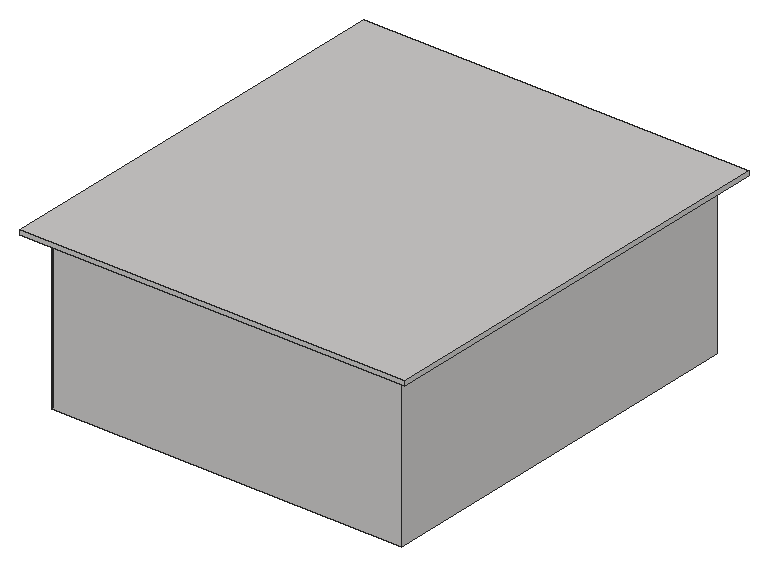
Revit family "FireFighting_Fire-Reel-Box-Recessed_Galvin_381947", category Mechanical Equipment, host Face, Revit 2011
Parameters (values of type "381947")
  URL = "www.galvinengineering.com.au"
  Type Comments = "381947"
  StyleOrType_ANZRS = "Fire Fighting Equipment"
  ModifiedIssue_ANZRS = 20140514.01  # constant formula
  Model = "381947"
  Material = Metal_Fire-Fighting_Stainless-Steel_15400
  Manufacturer = "Galvin Engineering"
  Keynote = "10520"
  Instructions = "http://www.galvinengineering.com.au/Installation_Guides_1.aspx"
  FilterObject_ANZRS = "381947"
  EquipmentWeight(Kg) = 29.1  # constant formula
  DimWidth = 880 mm  # constant formula
  DimHeight = 980 mm  # constant formula
  DimDepth = 360 mm  # constant formula
  Description = "Type B Standard Fire Reel Box Recessed (Unpainted)"
  Default Elevation = 1500 mm
  CreatedBy_ANZRS = "Galvin Engineering"
  CreatedByURL_ANZRS = "www.galvinengineering.com.au"
  CreatedByPhoneNo_ANZRS = "61-8-92495900"
  Assembly Code = "D4030"
Reference planes
  plane 1 "Mounting Height": y = 0
  plane 2 "Face": z = 0
  plane 3 "Center (Left/Right)": x = 0
  plane 4 "Hose Right": x = 440
  plane 5 "Left": x = -440
  plane 6 "Top": y = 490
  plane 7 "Bottom": y = -490
  plane 8: x = -400
  plane 9: y = -450
  plane 10: x = 400
  plane 11: y = 450
  plane 12 "Back": z = -360
Forms (mm)
  Extrusion 1, solid, material "Metal_Fire-Fighting_Stainless-Steel_15400" <- "Material"
    sketch origin (0, 0, 0) x (1, 0, 0) y (0, 1, 0)
      loop
        line (-440, 490) -> (-440, -490) -> (440, -490) -> (440, 490) -> (-440, 490)
    from 0 to 10
  Extrusion 2, void
    sketch origin (0, 0, 0) x (1, 0, 0) y (0, 1, 0)
      loop
        line (-400, 450) -> (-400, -450) -> (400, -450) -> (400, 450) -> (-400, 450)
    from 0 to -360
  Extrusion 3, solid, material "Metal_Fire-Fighting_Stainless-Steel_15400" <- "Material"
    sketch origin (0, 0, 0) x (1, 0, 0) y (0, 1, 0)
      loop
        line (-400, 450) -> (-400, -450) -> (400, -450) -> (400, 450) -> (-400, 450)
      loop
        line (398.8, 448.8) -> (-398.8, 448.8) -> (-398.8, -448.8) -> (398.8, -448.8) -> (398.8, 448.8)
    from 0 to -360
  Extrusion 4, solid, material "Metal_Fire-Fighting_Stainless-Steel_15400" <- "Material"
    sketch origin (0, 0, -360) x (0, -1, 0) y (1, 0, 0)
      loop
        line (-450, -400) -> (450, -400) -> (450, 400) -> (-450, 400) -> (-450, -400)
    from 0 to 2
Cuts and joins
  Extrusion 2 cuts Extrusion 1
  joined: Extrusion 3, Extrusion 4
Lines and regions (mm)
  symbolic lines, detail levels medium+fine
    curve 1: circle (0, 0, 334.667) r 255.333 normal (1, 0, 0)
    curve 8: line (0, -660.004, 115.942) -> (0, -733.287, 153.561)
    curve 9: line (0, -667.445, 101.448) -> (0, -740.728, 139.066)
  symbolic lines, detail levels fine
    curve 2: circle (0, -55.012, 429.951) r 6.11 normal (1, 0, 0)
    curve 3: circle (0, -110.025, 334.667) r 6.11 normal (1, 0, 0)
    curve 4: circle (0, -55.012, 239.382) r 6.11 normal (1, 0, 0)
    curve 5: circle (0, 55.012, 239.382) r 6.11 normal (1, 0, 0)
    curve 6: circle (0, 110.025, 334.667) r 6.11 normal (1, 0, 0)
    curve 7: circle (0, 55.012, 429.951) r 6.11 normal (1, 0, 0)
  model lines, detail levels medium+fine
    curve 10: line (-400, -450, 10) -> (-400, 450, 10)
    curve 11: line (-400, 450, 10) -> (400, 450, 10)
    curve 12: line (400, 450, 10) -> (400, -450, 10)
    curve 13: line (400, -450, 10) -> (-400, -450, 10)
    curve 18: line (-294.059, 31.275, 10) -> (352.941, 31.275, 10)
    curve 19: line (352.941, 31.275, 10) -> (352.941, -33.725, 10)
    curve 20: line (352.941, -33.725, 10) -> (-294.059, -33.725, 10)
    curve 21: line (-294.059, -33.725, 10) -> (-294.059, 31.275, 10)
  model lines, detail levels fine
    curve 14: line (-390, -440, 10) -> (-390, 440, 10)
    curve 15: line (-390, 440, 10) -> (390, 440, 10)
    curve 16: line (390, 440, 10) -> (390, -440, 10)
    curve 17: line (390, -440, 10) -> (-390, -440, 10)
    curve 22: line (-362.659, 39.875, 10) -> (-362.659, -45.125, 10)
    curve 23: line (-362.659, -45.125, 10) -> (-335.659, -45.125, 10)
    curve 24: line (-335.659, -45.125, 10) -> (-335.659, 39.875, 10)
    curve 25: line (-335.659, 39.875, 10) -> (-362.659, 39.875, 10)
    curve 26: line (-360.659, 37.875, 10) -> (-360.659, -43.125, 10)
    curve 27: line (-360.659, -43.125, 10) -> (-337.659, -43.125, 10)
    curve 28: line (-337.659, -43.125, 10) -> (-337.659, 37.875, 10)
    curve 29: line (-337.659, 37.875, 10) -> (-360.659, 37.875, 10)
    curve 30: line (-340.659, 24.875, 10) -> (-357.659, 24.875, 10)
    curve 31: line (-357.659, 24.875, 10) -> (-357.659, -29.125, 10)
    curve 32: line (-357.659, -29.125, 10) -> (-340.659, -29.125, 10)
    curve 33: line (-340.659, -29.125, 10) -> (-340.659, 24.875, 10)
    curve 34: line (-357.659, -13.625, 10) -> (-340.659, -13.625, 10)
    curve 35: line (-362.659, 39.875, 10) -> (-360.659, 37.875, 10)
    curve 36: line (-335.659, 39.875, 10) -> (-337.659, 37.875, 10)
    curve 37: line (-337.659, -43.125, 10) -> (-335.659, -45.125, 10)
    curve 38: line (-360.659, -43.125, 10) -> (-362.659, -45.125, 10)
Dimensions and locks
  "DimHeight": plane 7 "Bottom" to plane 6 "Top"
  "DimWidth": plane 5 "Left" to plane 4 "Hose Right"
  "DimDepth": plane 2 "Face" to plane 12 "Back"
  aligned and locked: plane 2 "Face" to host face
  aligned and locked: host face to level
  aligned and locked: plane 5 "Left" to Extrusion 1 sketch curve
  aligned and locked: Extrusion 1 sketch curve to plane 6 "Top"
  aligned and locked: Extrusion 1 sketch curve to plane 7 "Bottom"
  aligned and locked: plane 4 "Hose Right" to Extrusion 1 sketch curve
  aligned and locked: plane 8 to Extrusion 2 sketch curve
  aligned and locked: Extrusion 2 sketch curve to plane 11
  aligned and locked: plane 10 to Extrusion 2 sketch curve
  aligned and locked: Extrusion 2 sketch curve to plane 9
  aligned and locked: Extrusion 2 to plane 12 "Back"
  aligned and locked: plane 8 to Extrusion 3 sketch curve
  aligned and locked: Extrusion 3 sketch curve to plane 11
  aligned and locked: plane 10 to Extrusion 3 sketch curve
  aligned and locked: Extrusion 3 sketch curve to plane 9
  aligned and locked: plane 8 to Extrusion 4 sketch curve
  aligned and locked: Extrusion 4 sketch curve to plane 11
  aligned and locked: plane 10 to Extrusion 4 sketch curve
  aligned and locked: Extrusion 4 sketch curve to plane 9
Automatic sketch dimensions
  curve 1 to plane 1 "Mounting Height" = 0 mm
  plane 1 "Mounting Height" to curve 2 = 55.012 mm
  plane 1 "Mounting Height" to curve 4 = 55.012 mm
  plane 1 "Mounting Height" to curve 3 = 110.025 mm
  plane 7 "Bottom" to curve 8 = 170.004 mm
  curve 9 to curve 8 = 7.441 mm  (x2)
  curve 8 to curve 8 = 73.283 mm
  curve 5 to plane 1 "Mounting Height" = 55.012 mm
  curve 7 to plane 1 "Mounting Height" = 55.012 mm
  curve 1 to curve 6 = 110.025 mm
  level to curve 8 = 153.561 mm
  curve 9 to curve 8 = 14.495 mm  (x2)
  curve 8 to curve 8 = 37.618 mm
  host sketch curve to host sketch curve = 1500 mm
  host sketch curve to host sketch curve = 1600 mm
  level to curve 5 = 239.382 mm
  curve 4 to curve 5 = 0 mm
  curve 5 to curve 6 = 95.284 mm
  curve 4 to curve 3 = 95.284 mm
  curve 5 to curve 1 = 95.284 mm
  curve 1 to curve 2 = 95.284 mm
  curve 6 to curve 7 = 95.284 mm
  Extrusion 3 sketch curve to plane 8 = 1.2 mm
  plane 10 to Extrusion 3 sketch curve = 1.2 mm
  Extrusion 3 sketch curve to plane 9 = 1.2 mm
  plane 11 to Extrusion 3 sketch curve = 1.2 mm
  curve 10 to Extrusion 1 = 40 mm  (x2)
  curve 10 to curve 14 = 10 mm
  curve 23 to Extrusion 1 = 77.341 mm
  curve 22 to curve 38 = 2 mm  (x2)
  curve 26 to curve 31 = 3 mm
  curve 31 to curve 32 = 17 mm
  curve 32 to curve 37 = 3 mm
  curve 27 to curve 23 = 2 mm
  curve 24 to curve 18 = 41.6 mm
  curve 20 to Extrusion 1 = 87.059 mm
  curve 15 to Extrusion 1 = 50 mm  (x2)
  curve 16 to curve 12 = 10 mm
  curve 10 to curve 17 = 10 mm
  curve 14 to curve 23 = 394.875 mm
  curve 16 to curve 20 = 406.275 mm
  curve 27 to curve 32 = 14 mm
  curve 32 to curve 34 = 15.5 mm
  curve 34 to curve 30 = 38.5 mm
  curve 19 to curve 18 = 65 mm
  curve 30 to curve 29 = 13 mm
  curve 28 to curve 24 = 2 mm
  curve 14 to curve 10 = 10 mm
  radius of curve 1 = 255.333 mm
  radius of curve 2 = 6.11 mm
  radius of curve 3 = 6.11 mm
  radius of curve 4 = 6.11 mm
  radius of curve 5 = 6.11 mm
  radius of curve 6 = 6.11 mm
  radius of curve 7 = 6.11 mm
